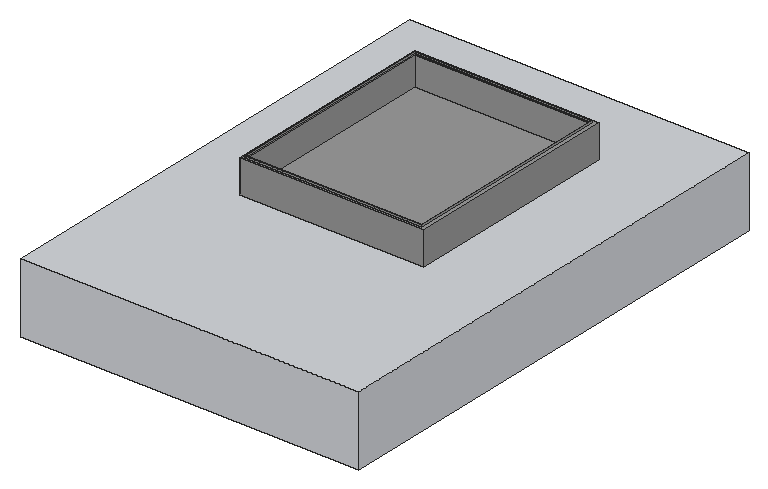
Revit family "Hager-Univers-IP30-D161-Cl.II-FWB-encl--CH-it", category Equipement électrique, Revit 2020
Family settings
  Hôte = Face
  Configuration du panneau = Deux colonnes, circuits au sein
  Cote de connecteur circulaire = Utiliser le diamètre
  Type d'élément = Tableau de raccordement
  Couper avec des vides une fois chargée = Non
  Partagée = Non
  Point de calcul de pièce = Non
Parameters (values of type "A parete IP30 L800 A950 P161  - FWB63D1")
  Width Control [instance] = if([EF000008 - Larghezza] > Min Width, [EF000008 - Larghezza], Min Width)  # 800 mm
  Commentaires du type = [HG000003 - Gamma]  # "Univers"
  Thickness Door [instance] = if([EF009171 - spessore materiale porta/coperchio] > 3 mm, 3 mm, [EF009171 - spessore materiale porta/coperchio])  # 1 mm
  Seal Frame Offset [instance] = 17 mm  # constant formula
  Plinth Visibility [instance] = [HG000027 - Altezza dello zoccolo] > 0 mm  # no
  Model = ""
  Min Width [instance] = 100 mm  # constant formula
  Min Height [instance] = 100 mm  # constant formula
  Min Depth [instance] = (2 * [EF009170 - spessore materiale scatola]) + 1 mm  # 5 mm
  Internal Frame Depth [instance] = (Door System Depth * 0.5)  # 9 mm
  Height Control [instance] = if([EF000040 - Altezza] > Min Height, [EF000040 - Altezza], Min Height)  # 950 mm
  HG000027 - Altezza dello zoccolo = 0 mm
  HG000026 - A pavimento = no
  HG000024 - Altezza della sezione inferiore = 800 mm
  HG000023 - Custodia a doppia sezione = no
  HG000016 - Visibilità delle porte nella vista 3D [instance] = yes
  HG000015 - Visibilità attraverso la porta [instance] = no
  HG000014 - Porta destra [instance] = yes
  HG000013 - Porta sinistra [instance] = not([HG000014 - Porta destra])  # no
  HG000012 - Angolo di apertura della porta [instance] = 30.00°
  HG000010 - Porte asimmetriche = no
  HG000009 - Porta doppia a battente = no
  HG000006 - Ad incasso = no
  HG000004 - Codice produttore = "FWB63D1"
  HG000003 - Gamma = "Univers"
  HG000002 - Con porta = no
  Frame Offset Bottom [instance] = 10 mm  # constant formula
  Frame Offset [instance] = 15 mm  # constant formula
  EF015940 - Coprire con rilascio di sovrapressione = no
  EF011959 - tipo di protezione (NEMA) = ""
  EF009554 - numero delle aperture per la piastra della flangia = 6
  Fabricant = "Hager"  # constant formula
  EF009212 - esecuzione coperchio = "EV009916 - con taglio"
  EF009171 - spessore materiale porta/coperchio = 1 mm
  EF009170 - spessore materiale scatola = 2 mm
  EF008873 - corrente nominale (In) = 125 A
  EF007800 - adatto per parafulmine = no
  EF006306 - con serratura = no
  EF006244 - coperchio/porta trasparente = no
  EF005474 - grado di protezione (IP) = "EV006410 - IP30"
  EF004464 - tipo di porta = "EV000494 - senza"
  EF004427 - numero di moduli = 216
  EF004293 - resistenza agli urti = "EV006815 - IK09"
  EF003532 - adatto per uso esterno = no
  EF002950 - Numero moduli DIN = 12
  EF001613 - Integrità del circuito = "EV000494 - senza"
  EF001596 - Attacco Lampada = "EV000179 - acciaio"
  EF001131 - profondità interna = 160 mm
  EF001088 - possibilità di applicazione = yes
  EF000437 - numero di ingressi per conduttori = 12
  EF000339 - tipo di copertura = "EV004216 - porta"
  EF000266 - numero di file = 0
  EF000218 - profondità di incasso = 0 mm
  EF000118 - con piastra di montaggio = no
  EF000116 - numero RAL = "9010"
  EF000049 - profondità = 161 mm
  EF000040 - Altezza = 950 mm
  EF000008 - Larghezza = 800 mm
  EF000007 - colore = "EV000202 - bianco"
  EF000003 - Tipo di montaggio = "EV000384 - A parete"
  Door System Leaf Tolerance [instance] = 1.5 mm  # constant formula
  Door System Depth [instance] = 18 mm  # constant formula
  Door Height [instance] = Height Control - [HG000027 - Altezza dello zoccolo]  # 950 mm
  Depth Control [instance] = if([EF000049 - profondità] > Min Depth, [EF000049 - profondità], Min Depth)  # 161 mm
  Default Elevation = 0 mm
  Connector Offset [instance] = Height Control / 2  # 475 mm
  Bottom Top Plate Trim [instance] = 1.5 mm  # constant formula
  Plinth height Ctrl [instance] = if([HG000027 - Altezza dello zoccolo] > 0 mm, [HG000027 - Altezza dello zoccolo], 12 mm)  # 12 mm
Types (19, lengths in mm): name | Width Control | Thickness Door | Min Depth | Height Control | HG000004 - Codice produttore | EF009554 - numero delle aperture per la piastra della flangia | EF009212 - esecuzione coperchio | EF009171 - spessore materiale porta/coperchio | EF009170 - spessore materiale scatola | EF004427 - numero di moduli | EF001131 - profondità interna | EF000437 - numero di ingressi per conduttori | EF000339 - tipo di copertura | EF000040 - Altezza | EF000008 - Larghezza | Door Height | Connector Offset
  A parete IP30 L1050 A1100 P161  - FWB74D1 | 1050 | 1 | 3 | 1100 | "FWB74D1" | 8 | "EV009916 - con taglio" | 1 | 1 | 336 | 156 | 16 | "EV000494 - senza" | 1100 | 1050 | 1100 | 550
  A parete IP30 L1050 A500 P161  - FWB34D1 | 1050 | 2 | 3 | 500 | "FWB34D1" | 8 | "EV009916 - con taglio" | 2 | 1 | 144 | 156 | 16 | "EV000494 - senza" | 500 | 1050 | 500 | 250
  A parete IP30 L1050 A650 P161  - FWB44D1 | 1050 | 1 | 3 | 650 | "FWB44D1" | 8 | "EV000116 - chiuso" | 1 | 1 | 192 | 160 | 16 | "EV004216 - porta" | 650 | 1050 | 650 | 325
  A parete IP30 L1050 A800 P161  - FWB54D1 | 1050 | 1 | 5 | 800 | "FWB54D1" | 8 | "EV009916 - con taglio" | 1 | 2 | 240 | 160 | 16 | "EV004216 - porta" | 800 | 1050 | 800 | 400
  A parete IP30 L1050 A950 P161  - FWB64D1 | 1050 | 1 | 5 | 950 | "FWB64D1" | 8 | "EV009916 - con taglio" | 1 | 2 | 288 | 160 | 16 | "EV004216 - porta" | 950 | 1050 | 950 | 475
  A parete IP30 L300 A1100 P161  - FWB71D1 | 300 | 1 | 3 | 1100 | "FWB71D1" | 2 | "EV009916 - con taglio" | 1 | 1 | 84 | 156 | 4 | "EV000494 - senza" | 1100 | 300 | 1100 | 550
  A parete IP30 L300 A1250 P161  - FWB81D1 | 300 | 1 | 3 | 1250 | "FWB81D1" | 2 | "EV009916 - con taglio" | 1 | 1 | 96 | 160 | 4 | "EV000494 - senza" | 1250 | 300 | 1250 | 625
  A parete IP30 L300 A650 P161  - FWB41D1 | 300 | 1 | 3 | 650 | "FWB41D1" | 2 | "EV000116 - chiuso" | 1 | 1 | 48 | 160 | 4 | "EV004216 - porta" | 650 | 300 | 650 | 325
  A parete IP30 L300 A800 P161  - FWB51D1 | 300 | 1 | 3 | 800 | "FWB51D1" | 2 | "EV009916 - con taglio" | 1 | 1 | 60 | 156 | 4 | "EV000494 - senza" | 800 | 300 | 800 | 400
  A parete IP30 L300 A950 P161  - FWB61D1 | 300 | 1 | 3 | 950 | "FWB61D1" | 2 | "EV009916 - con taglio" | 1 | 1 | 72 | 156 | 4 | "EV000494 - senza" | 950 | 300 | 950 | 475
  A parete IP30 L550 A1100 P161  - FWB72D1 | 550 | 1 | 3 | 1100 | "FWB72D1" | 4 | "EV009916 - con taglio" | 1 | 1 | 168 | 156 | 8 | "EV000494 - senza" | 1100 | 550 | 1100 | 550
  A parete IP30 L550 A500 P161  - FWB32D1 | 550 | 2 | 5 | 500 | "FWB32D1" | 4 | "EV009916 - con taglio" | 2 | 2 | 72 | 156 | 8 | "EV000494 - senza" | 500 | 550 | 500 | 250
  A parete IP30 L550 A650 P161  - FWB42D1 | 550 | 1 | 3 | 650 | "FWB42D1" | 4 | "EV000116 - chiuso" | 1 | 1 | 96 | 160 | 8 | "EV004216 - porta" | 650 | 550 | 650 | 325
  A parete IP30 L550 A800 P161  - FWB52D1 | 550 | 1 | 3 | 800 | "FWB52D1" | 4 | "EV009916 - con taglio" | 1 | 1 | 120 | 156 | 8 | "EV000494 - senza" | 800 | 550 | 800 | 400
  A parete IP30 L550 A950 P161  - FWB62D1 | 550 | 1 | 3 | 950 | "FWB62D1" | 4 | "EV009916 - con taglio" | 1 | 1 | 144 | 156 | 8 | "EV000494 - senza" | 950 | 550 | 950 | 475
  A parete IP30 L800 A500 P161  - FWB33D1 | 800 | 1 | 3 | 500 | "FWB33D1" | 6 | "EV000116 - chiuso" | 1 | 1 | 108 | 160 | 12 | "EV004216 - porta" | 500 | 800 | 500 | 250
  A parete IP30 L800 A650 P161  - FWB43D1 | 800 | 1 | 5 | 650 | "FWB43D1" | 6 | "EV000116 - chiuso" | 1 | 2 | 144 | 160 | 12 | "EV004216 - porta" | 650 | 800 | 650 | 325
  A parete IP30 L800 A800 P161  - FWB53D1 | 800 | 1 | 3 | 800 | "FWB53D1" | 6 | "EV000116 - chiuso" | 1 | 1 | 180 | 160 | 12 | "EV004216 - porta" | 800 | 800 | 800 | 400
  A parete IP30 L800 A950 P161  - FWB63D1 | 800 | 1 | 5 | 950 | "FWB63D1" | 6 | "EV009916 - con taglio" | 1 | 2 | 216 | 160 | 12 | "EV004216 - porta" | 950 | 800 | 950 | 475
Reference planes
  plane 1 "Center (Front/Back)": y = 0
  plane 2: z = 0
  plane 3 "Center (Left/Right)": x = 0
  plane 4: z = 161
  plane 5: y = 2
  plane 6: y = 475
  plane 7: y = 0
  plane 8: y = 950
  plane 9: z = 0
  plane 10: x = -385
  plane 11: x = 385
  plane 12: x = 383
  plane 13: x = -383
  plane 14: y = 948
  plane 15: x = -383
  plane 16: x = -400
  plane 17: x = 383
  plane 18: x = 400
  plane 19: x = 398
  plane 20: x = -398
  plane 21: y = 12
  plane 22: y = 950
  plane 23: y = 933
  plane 24: z = 143
  plane 25: z = 2
  plane 26: z = 141
  plane 27: z = 159
Forms (mm)
  Extrusion 1, solid
    sketch origin (0, 0, 0) x (1, 0, 0) y (0, 1, 0)
      loop
        line (-702.964, 1305) -> (-702.964, -811.445) -> (766.763, -811.445) -> (766.763, 1305) -> (-702.964, 1305)
    from 0 to -304.8
  Extrusion 2, solid, material "Hager_Steel_RAL7035_Light_Grey", visible <- "Plinth Visibility", detail levels medium+fine
    sketch origin (0, 0, 0) x (1, 0, 0) y (0, 1, 0)
      loop
        line (-400, 0) -> (400, 0) -> (400, 12) -> (-400, 12) -> (-400, 0)
    from 0 to 143
  Extrusion 3, solid, material "Hager_Steel_RAL7035_Light_Grey", detail levels medium+fine
    sketch origin (0, 0, 0) x (1, 0, 0) y (0, 1, 0)
      loop
        line (-400, 0) -> (400, 0) -> (400, 950) -> (-400, 950) -> (-400, 0)
    from 0 to 143
  Extrusion 4, void
    sketch origin (0, 0, 0) x (1, 0, 0) y (0, 1, 0)
      loop
        line (-398, 2) -> (398, 2) -> (398, 948) -> (-398, 948) -> (-398, 2)
    from 2 to 141
  Extrusion 5, void
    sketch origin (-381.607, -4572, 143) x (0, -1, 0) y (-1, 0, 0)
      loop
        line (-4584, 1.393) -> (-5505, 1.393) -> (-5505, -764.607) -> (-4584, -764.607) -> (-4584, 1.393)
    from 0 to 2 <- "EF009170 - spessore materiale scatola"
  Extrusion 6, solid, material "Hager_Steel_RAL7035_Light_Grey", detail levels fine
    sketch origin (0, 0, 143) x (1, 0, 0) y (0, 1, 0)
      loop
        line (-383, 933) -> (-383, 12) -> (383, 12) -> (383, 933) -> (-383, 933)
      loop
        line (-384, 11) -> (384, 11) -> (384, 934) -> (-384, 934) -> (-384, 11)
    from 0 to 9 <- "Internal Frame Depth"
  Extrusion 7, solid, material "Hager_Steel_RAL7035_Light_Grey", detail levels coarse
    sketch origin (0, 0, 0) x (1, 0, 0) y (0, 1, 0)
      loop
        line (-400, 0) -> (400, 0) -> (400, 950) -> (-400, 950) -> (-400, 0)
    from 0 to 161
  Sweep 8, void
    path in 3D
      loop
        line (-400, 12, 0) -> (400, 12, 0) -> (400, 12, 143) -> (-400, 12, 143) -> (-400, 12, 0)
    profile origin (-400, 12, 71.5) x (-1, 0, 0) y (0, -1, 0)
      loop
        line (0, 0) -> (0, 1.5) -> (-1.5, 1.5)
        arc (-1.5, 1.5) -> (-1.061, 0.439) -> (0, 0) r 1.5
Cuts and joins
  Extrusion 4, Extrusion 5 cuts Extrusion 3
  Sweep 8 cuts Extrusion 2
Lines and regions (mm)
  Masking region 1
    outline origin (0, 0, 0) x (1, 0, 0) y (0, 0, 1)
      loop
        line (-400, 161) -> (-400, 0) -> (400, 0) -> (400, 161) -> (-400, 161)
  Masking region 2, detail levels medium+fine
    outline origin (0, 140, 0) x (0, 1, 0) y (0, 0, 1)
      loop
        line (-140, 0) -> (810, 0) -> (810, 143) -> (-140, 143) -> (-140, 0)
  Masking region 3, not visible, detail levels medium+fine
    outline origin (0, 297.922, 0) x (0, 1, 0) y (0, 0, 1)
      loop
        line (188.578, 0) -> (228.578, 0) -> (228.578, 149)
        arc (228.578, 149) -> (225.649, 156.071) -> (218.578, 159) r 10
        line (218.578, 159) -> (188.578, 159) -> (188.578, 0)
  Masking region 4, detail levels coarse
    outline origin (0, 0, 180) x (0, 1, 0) y (0, 0, 1)
      loop
        line (0, -180) -> (950, -180) -> (950, -19) -> (0, -19) -> (0, -180)
  Masking region 5, visible <- "Plinth Visibility", detail levels medium+fine
    outline origin (0, 52.24, 12.345) x (0, 0, -1) y (0, 1, 0)
      loop
        line (10.845, -40.24) -> (-129.155, -40.24)
        arc (-129.155, -40.24) -> (-129.594, -41.301) -> (-130.655, -41.74) r 1.5
        line (-130.655, -41.74) -> (-130.655, -52.24) -> (12.345, -52.24) -> (12.345, -41.74)
        arc (12.345, -41.74) -> (11.285, -41.301) -> (10.845, -40.24) r 1.5
  Masking region 6, detail levels medium+fine
    outline origin (-381.607, -4572, 143) x (-1, 0, 0) y (0, -1, 0)
      loop
        line (18.393, -5522) -> (18.393, -4572) -> (-781.607, -4572) -> (-781.607, -5522) -> (18.393, -5522)
  Masking region 7, visible <- "Plinth Visibility", detail levels medium+fine
    outline origin (-381.607, -4727, 143) x (-1, 0, 0) y (0, -1, 0)
      loop
        arc (16.893, -4739) -> (17.332, -4737.939) -> (18.393, -4737.5) r 1.5
        line (18.393, -4737.5) -> (18.393, -4727) -> (-781.607, -4727) -> (-781.607, -4737.5)
        arc (-781.607, -4737.5) -> (-780.546, -4737.939) -> (-780.107, -4739) r 1.5
        line (-780.107, -4739) -> (16.893, -4739)
  Masking region 8, detail levels coarse
    outline origin (-442.548, -4669.526, 143) x (-1, 0, 0) y (0, -1, 0)
      loop
        line (-42.548, -5619.526) -> (-42.548, -4669.526) -> (-842.548, -4669.526) -> (-842.548, -5619.526) -> (-42.548, -5619.526)
  sketch lines
    curve 1: line (-400, 12, 143) -> (-400, 12, 0)
    curve 2: line (400, 12, 143) -> (-400, 12, 143)
    curve 3: line (400, 12, 143) -> (400, 12, 0)
    curve 4: line (-400, 12, 0) -> (400, 12, 0)
Dimensions and locks
  "Depth Control": plane 4 to Extrusion 1
  "HG000027 - Altezza dello zoccolo": plane 1 "Center (Front/Back)" to plane 7
  "EF009170 - spessore materiale scatola": plane 5 to plane 7
  locked: connector elem to plane 3 "Center (Left/Right)"
  equal spacing: plane 8, plane 6, plane 7
  locked: connector elem to plane 6
  "EF009170 - spessore materiale scatola": plane 8 to plane 14
  "EF009170 - spessore materiale scatola": plane 10 to plane 13
  "EF009170 - spessore materiale scatola": plane 12 to plane 11
  "Frame Offset": plane 20 to plane 13
  "Frame Offset": plane 12 to plane 19
  "EF009170 - spessore materiale scatola": plane 16 to plane 20
  "EF009170 - spessore materiale scatola": plane 19 to plane 18
  "Seal Frame Offset": plane 16 to plane 15
  "Seal Frame Offset": plane 17 to plane 18
  "Frame Offset Bottom": plane 21 to plane 5
  "Frame Offset": plane 14 to plane 23
  equal spacing: plane 16, plane 3 "Center (Left/Right)", plane 18
  "Width Control": plane 16 to plane 18
  "EF009170 - spessore materiale scatola": plane 4 to plane 27
  "EF009170 - spessore materiale scatola": plane 24 to plane 26
  "EF009170 - spessore materiale scatola": plane 25 to level
  "Door System Depth": plane 4 to plane 24
  "Height Control": plane 1 "Center (Front/Back)" to Extrusion 7 sketch curve
  "Height Control": Masking region 4 sketch curve to plane 1 "Center (Front/Back)"
  "Height Control": plane 1 "Center (Front/Back)" to plane 22
  "Bottom Top Plate Trim": profile plane to Sweep 8 sketch curve
  "Bottom Top Plate Trim": Sweep 8 sketch curve to profile plane
  "Plinth height Ctrl": plane 1 "Center (Front/Back)" to Extrusion 2 sketch curve
  "Plinth height Ctrl": Masking region 5 sketch curve to plane 1 "Center (Front/Back)"
  "Plinth height Ctrl": plane 1 "Center (Front/Back)" to Masking region 7 sketch curve
  "Thickness Door": Extrusion 6 sketch curve to Extrusion 6 sketch curve  (x3)
  "Thickness Door": cut or joined group of Extrusion 3, Extrusion 4, Extrusion 5 to Extrusion 6 sketch curve
  radius of Masking region 3 sketch curve = 10 mm
  "Bottom Top Plate Trim": radius of Masking region 5 sketch curve  (x2)
  "Bottom Top Plate Trim": radius of Sweep 8 sketch curve
  "Bottom Top Plate Trim": radius of Masking region 7 sketch curve  (x2)
  aligned and locked: plane 2 to Extrusion 1
  aligned and locked: level to Extrusion 1
  aligned and locked: level to Masking region 1 sketch curve
  aligned and locked: Masking region 1 sketch curve to plane 18
  aligned and locked: Masking region 1 sketch curve to plane 16
  aligned and locked: plane 7 to Masking region 2 sketch curve
  aligned and locked: level to Masking region 3 sketch curve
  aligned and locked: Masking region 3 sketch curve to plane 27
  aligned and locked: level to Masking region 2 sketch curve
  aligned and locked: plane 1 "Center (Front/Back)" to Extrusion 2 sketch curve
  aligned and locked: Extrusion 3 sketch curve to plane 7
  aligned and locked: plane 16 to Extrusion 3 sketch curve
  aligned and locked: plane 18 to Extrusion 3 sketch curve
  aligned and locked: plane 20 to Extrusion 4 sketch curve
  aligned and locked: plane 19 to Extrusion 4 sketch curve
  aligned and locked: Extrusion 4 sketch curve to plane 5
  aligned and locked: Extrusion 4 to plane 25
  aligned and locked: plane 26 to Extrusion 4
  aligned and locked: plane 24 to Extrusion 3
  aligned and locked: Extrusion 5 sketch curve to plane 21
  aligned and locked: Extrusion 5 sketch curve to plane 13
  aligned and locked: Extrusion 5 sketch curve to plane 12
  aligned and locked: plane 18 to Extrusion 7 sketch curve
  aligned and locked: plane 1 "Center (Front/Back)" to Extrusion 7 sketch curve
  aligned and locked: plane 16 to Extrusion 7 sketch curve
  aligned and locked: plane 4 to Extrusion 7
  aligned and locked: Extrusion 7 to level
  aligned and locked: level to Masking region 4 sketch curve
  aligned and locked: Masking region 4 sketch curve to plane 1 "Center (Front/Back)"
  aligned and locked: Masking region 4 sketch curve to plane 4
  aligned and locked: nested 1 to level
  aligned and locked: nested 1 to plane 16
  aligned and locked: plane 8 to Extrusion 3 sketch curve
  aligned and locked: plane 23 to Extrusion 5 sketch curve
  aligned and locked: plane 14 to Extrusion 4 sketch curve
  aligned and locked: Masking region 2 sketch curve to plane 8
  aligned and locked: level to Masking region 5 sketch curve
  aligned and locked: plane 16 to Extrusion 2 sketch curve
  aligned and locked: plane 18 to Extrusion 2 sketch curve
  aligned and locked: Masking region 5 sketch curve to plane 24
  aligned and locked: Masking region 2 sketch curve to plane 24
  aligned and locked: plane 24 to Extrusion 2
  aligned and locked: profile plane to Sweep 8 sketch curve  (x2)
  aligned and locked: Masking region 6 sketch curve to plane 18
  aligned and locked: Masking region 6 sketch curve to plane 22
  aligned and locked: Masking region 6 sketch curve to plane 16
  aligned and locked: plane 8 to plane 22
  aligned and locked: Masking region 6 sketch curve to plane 7
  aligned and locked: Masking region 7 sketch curve to plane 16
  aligned and locked: Masking region 7 sketch curve to plane 1 "Center (Front/Back)"
  aligned and locked: Masking region 7 sketch curve to plane 18
  aligned and locked: Masking region 8 sketch curve to plane 1 "Center (Front/Back)"
  aligned and locked: Masking region 8 sketch curve to plane 18
  aligned and locked: Masking region 8 sketch curve to plane 22
  aligned and locked: Masking region 8 sketch curve to plane 16
  aligned and locked: nested 2 to plane 7
  aligned and locked: plane 3 "Center (Left/Right)" to nested 2
  aligned and locked: nested 2 to plane 24
  aligned and locked: Extrusion 6 sketch curve to cut or joined group of Extrusion 3, Extrusion 4, Extrusion 5  (x4)
Automatic sketch dimensions
  Extrusion 1 sketch curve to Extrusion 1 sketch curve = 1469.727 mm
  Extrusion 1 sketch curve to Extrusion 1 sketch curve = 2116.445 mm
  Masking region 1 sketch curve to plane 4 = 0 mm
  plane 6 to Masking region 3 sketch curve = 11.5 mm
  Masking region 3 sketch curve to Masking region 3 sketch curve = 30 mm
  Masking region 5 sketch curve to plane 1 "Center (Front/Back)" = 0 mm
Nested families
  nested 1: "Hager_Enclosure_Symbol" at (-400, 0, 0) x (1, 0, 0) z (0, -1, 0), Height <- "Depth Control", Width <- "Width Control", type "Hager_Enclosure_Symbol"
    with Width_Ctrl 800 mm, Width 800 mm, Height_Ctrl 161 mm, Height 161 mm, A_Width_Int 10.566 mm, A_Width 126.788 mm, A_Height_Ctrl 140.875 mm, A_Height 140.875 mm
  nested 2: "EC000058_Univers_Door" at (0, 0, 143) x (1, 0, 0) z (0, 1, 0), Leaf_Tolerance <- "Door System Leaf Tolerance", Angle <- "HG000012 - Angolo di apertura della porta", Door_Depth <- "Door System Depth", Door_Left <- "HG000013 - Porta sinistra", Transparent <- "EF006244 - coperchio/porta trasparente", Assymetrical <- "HG000010 - Porte asimmetriche", Width <- "Width Control", Clearance <- "HG000015 - Visibilità attraverso la porta", Double <- "HG000009 - Porta doppia a battente", 3d_Door <- "HG000016 - Visibilità delle porte nella vista 3D", Lock_Visibility <- "EF006306 - con serratura", Width_Ctrl <- "Width Control", Door_Right <- "HG000014 - Porta destra", Door <- "HG000002 - Con porta", Height <- "Door Height", Thickness <- "Thickness Door", type "EC000058_Univers_Door", detail levels medium+fine
    with min_wh 3 mm, Width_Ctrl 800 mm, Width 800 mm, Transparent no, Thickness 1 mm, Seal_Material Hager_Rubber, Lock_Visibility no, Lock_Material Hager_Plastic_RAL9005_Jet_Black, Leaf_Width 800 mm, Leaf_Tolerance_External_Sides 0 mm, Leaf_Tolerance 1.5 mm, Leaf_Offset 0 mm, Leaf_Height 947 mm, Leaf_2_Width 800 mm, Leaf_2_Offset 400 mm, Leaf_1_Width 800 mm, Leaf_1_Offset 400 mm, Height_Ctrl 950 mm, Height 950 mm, Glass_Material Hager_Glass, Double_Clearance_Ctrl no, Double no, Door_Right_Ctrl no, Door_Right yes, Door_Material Hager_Steel_RAL7035_Light_Grey, Door_Left_Ctrl no, Door_Left no, Door_Depth 18 mm, Door no, Clearance_Material Hager_Clearance, Clearance_Depth 800 mm, Clearance_Ctrl no, Clearance no, Assymetrical no, Angle 30.00°, 3d_Door yes
Connectors
  electrical at (0, 475, 0)
    settings: on plane 9, index 1, voltage 0 V, apparent load 0 VA, apparent load phase1 0 VA, apparent load phase2 0 VA, apparent load phase3 0 VA, power factor 1, load classification "Other", number of poles 1, system type 30, power factor state 1, is connector primary yes, connector utility no, sub classification motor no, connector description ""
Definition of nested family "Hager_Enclosure_Symbol"
  Parameters (values of type "Hager_Enclosure_Symbol")
    Width_Ctrl [instance] = if(Width > 1 mm, Width, 1 mm)  # 102.27 mm
    Width [instance] = 102.27 mm
    Height_Ctrl [instance] = if(Height > 1 mm, Height, 1 mm)  # 66.5 mm
    A_Width_Int [instance] = if(A_Width / 12 > 2 mm, A_Width / 12, 2 mm)  # 4.364 mm
    A_Width [instance] = if(A_Height_Ctrl * 0.9 > 2 mm, A_Height_Ctrl * 0.9, 2 mm)  # 52.369 mm
    A_Height_Ctrl [instance] = if(A_Height > 2 mm, A_Height, 2 mm)  # 58.188 mm
    Height [instance] = 66.5 mm
    A_Height [instance] = Height - (Height / 8)  # 58.188 mm
  Reference planes
    plane 1 "Centre (avant/arrière)": y = 0
    plane 2: z = 0
    plane 3 "Centre (gauche/droite)": x = 0
    plane 4: x = 52.369
    plane 5: y = 33.042
    plane 6: y = 41.77
    plane 7: y = 66.5
    plane 8: x = 26.184
    plane 9: y = 37.406
    plane 10: x = 102.27
    plane 11: y = 66.5
    plane 12: y = 8.313
  Lines and regions (mm)
    Filled region 1, type "Solid_Black", in view "Niveau de réf."
      outline origin (0, 0, 0) x (1, 0, 0) y (0, 1, 0)
        loop
          line (52.369, 66.5) -> (33.188, 54.536) -> (45.365, 45.006) -> (52.369, 66.5)
    Filled region 2, type "Solid_Black", in view "Niveau de réf."
      outline origin (0, 0, 0) x (1, 0, 0) y (0, 1, 0)
        loop
          line (0, 0) -> (102.27, 0) -> (102.27, 66.5) -> (0, 0)
    detail lines, in view "Niveau de réf."
      curve 1: line (0, 8.313, 0) -> (26.184, 41.77, 0)
      curve 2: line (26.184, 41.77, 0) -> (26.184, 33.042, 0)
      curve 3: line (26.184, 33.042, 0) -> (52.369, 66.5, 0)
  Dimensions and locks
    "A_Width": plane 3 "Centre (gauche/droite)" to plane 4
    equal spacing: plane 3 "Centre (gauche/droite)", plane 8, plane 4
    equal spacing: plane 6, plane 9, plane 5
    equal spacing: curve 3, Filled region 1 sketch curve, Filled region 1 sketch curve
    "Height_Ctrl": plane 1 "Centre (avant/arrière)" to plane 11
    "A_Height_Ctrl": plane 11 to plane 12
    equal spacing: plane 11, plane 9, plane 12
    "A_Width_Int": plane 6 to plane 9
    "Width_Ctrl": plane 3 "Centre (gauche/droite)" to plane 10
    angle Filled region 1 sketch curve to curve 3 = 20.00°
    angle curve 3 to Filled region 1 sketch curve = 20.00°
    locked: curve 3 to Filled region 1 sketch curve (angle 90.00°)
    aligned and locked: plane 10 to Filled region 2
    aligned and locked: plane 11 to Filled region 2 sketch curve
    aligned and locked: plane 10 to Filled region 2 sketch curve
    aligned and locked: plane 3 "Centre (gauche/droite)" to curve 1
    aligned and locked: plane 12 to curve 1
    aligned and locked: plane 7 to plane 11
  Automatic sketch dimensions
    Filled region 1 sketch curve to plane 4 = 0 mm
    Filled region 1 sketch curve to plane 7 = 0 mm
    plane 1 "Centre (avant/arrière)" to Filled region 2 sketch curve = 0 mm
    Filled region 2 sketch curve to plane 3 "Centre (gauche/droite)" = 0 mm
    curve 2 to plane 6 = 0 mm
    curve 2 to plane 8 = 0 mm
    curve 3 to plane 4 = 0 mm
    curve 2 to plane 5 = 0 mm
    curve 3 to plane 7 = 0 mm
Definition of nested family "EC000058_Univers_Door"
  Parameters (values of type "EC000058_Univers_Door")
    min_wh [instance] = (2 * Thickness) + 1 mm  # 11 mm
    Width_Ctrl [instance] = 400 mm
    Width [instance] = 500 mm
    Transparent [instance] = yes
    Thickness [instance] = 5 mm
    Seal_Material [instance] = none
    Lock_Visibility [instance] = yes
    Lock_Material [instance] = none
    Leaf_Width [instance] = if((Width_Ctrl - 2 * Leaf_Tolerance_External_Sides) > 0 mm, (Width_Ctrl - 2 * Leaf_Tolerance_External_Sides), min_wh)  # 400 mm
    Leaf_Tolerance_External_Sides [instance] = 0 mm  # constant formula
    Leaf_Tolerance [instance] = 1.5 mm
    Leaf_Offset [instance] = 0 mm  # constant formula
    Leaf_Height [instance] = if((Height_Ctrl - 2 * Leaf_Tolerance) > 0 mm, (Height_Ctrl - 2 * Leaf_Tolerance), min_wh)  # 497 mm
    Leaf_2_Width [instance] = if(and(and(Double, Assymetrical), Door_Left), (Leaf_Width / 3) - (Leaf_Tolerance / 2), if(and(and(Double, Assymetrical), Door_Right), (Leaf_Width / 3) * 2 - (Leaf_Tolerance / 2), if(and(Double, not(Assymetrical)), (Leaf_Width / 2) - Leaf_Tolerance, Leaf_Width)))  # 400 mm
    Leaf_2_Offset [instance] = if(and(Double, Assymetrical), Leaf_2_Width / 2, if(and(Double, not(Assymetrical)), Leaf_Width / 4, Leaf_Width / 2))  # 200 mm
    Leaf_1_Width [instance] = if(and(and(Double, Assymetrical), Door_Right), (Leaf_Width / 3) - (Leaf_Tolerance / 2), if(and(and(Double, Assymetrical), Door_Left), (Width / 3) * 2 - (Leaf_Tolerance / 2), if(and(Double, not(Assymetrical)), (Leaf_Width / 2) - Leaf_Tolerance, Leaf_Width)))  # 400 mm
    Leaf_1_Offset [instance] = if(and(Double, Assymetrical), Leaf_1_Width / 2, if(and(Double, not(Assymetrical)), Leaf_Width / 4, Leaf_Width / 2))  # 200 mm
    Height_Ctrl [instance] = if(Height > min_wh, Height, min_wh)  # 500 mm
    Height [instance] = 500 mm
    Glass_Material [instance] = none
    Double_Clearance_Ctrl [instance] = and(Double, Clearance)  # no
    Double [instance] = no
    Door_Right_Ctrl [instance] = and(or(Door_Right, Double), Door)  # yes
    Door_Right [instance] = yes
    Door_Material [instance] = none
    Door_Left_Ctrl [instance] = and(or(Door_Left, Double), Door)  # no
    Door_Left [instance] = no
    Door_Depth [instance] = 30 mm
    Door [instance] = yes
    Default Elevation = 1219.2 mm
    Clearance_Material [instance] = none
    Clearance_Depth [instance] = if(Leaf_1_Width > Leaf_2_Width, Leaf_1_Width, Leaf_2_Width)  # 400 mm
    Clearance_Ctrl [instance] = and(not(Double), Clearance)  # yes
    Clearance [instance] = yes
    Assymetrical [instance] = yes
    Angle [instance] = 30.00°
    3d_Door [instance] = yes
  Reference planes
    plane 1 "Center (Front/Back)": y = 0
    plane 2 "Bottom": z = 0
    plane 3 "Center (Left/Right)": x = 0
    plane 4: z = 500
    plane 5: x = -200
    plane 6: x = 200
    plane 7: z = 500
    plane 8: x = -200
    plane 9: z = 0
    plane 10: x = 200
    plane 11: y = 0
    plane 12: z = 1.5
    plane 13: x = -600
    plane 14: y = -400
    plane 15: x = 600
    plane 16: x = 0
    plane 17: x = 0
    plane 18: x = -200
    plane 19: x = 200
    plane 20: z = 498.5
  Forms (mm)
    Extrusion 1, solid, material <- "Clearance_Material", visible <- "Double_Clearance_Ctrl"
      sketch origin (1200, 0, 0) x (1, 0, 0) y (0, 0, -1)
        loop
          line (-1800, -498.5) -> (-600, -498.5) -> (-600, 0) -> (-1800, 0) -> (-1800, -498.5)
      from 0 to -400
  Dimensions and locks
    equal spacing: plane 5, plane 3 "Center (Left/Right)", plane 6
    "Width_Ctrl": plane 5 to plane 6
    "Leaf_Offset": plane 5 to plane 8
    "Leaf_Offset": plane 6 to plane 10
    "Leaf_Offset": plane 9 to level
    "Leaf_Offset": plane 4 to plane 7
    "Height_Ctrl": plane 4 to level
    "Leaf_Tolerance": plane 12 to plane 9
    locked: plane 11 to plane 1 "Center (Front/Back)"
    "Leaf_1_Offset": plane 18 to plane 16
    "Leaf_2_Offset": plane 17 to plane 19
    "Leaf_1_Width": plane 13 to plane 8
    "Leaf_2_Width": plane 10 to plane 15
    "Clearance_Depth": plane 14 to plane 1 "Center (Front/Back)"
    "Leaf_Tolerance_External_Sides": plane 8 to plane 18
    "Leaf_Tolerance_External_Sides": plane 19 to plane 10
    "Leaf_Tolerance": plane 7 to plane 20
    aligned and locked: level to plane 2 "Bottom"
    aligned and locked: nested 1 to plane 16
    aligned and locked: nested 2 to plane 17
    aligned and locked: Extrusion 1 to plane 13
    aligned and locked: plane 15 to Extrusion 1
    aligned and locked: Extrusion 1 to plane 14
    aligned and locked: plane 12 to nested 1
    aligned and locked: nested 2 to plane 12
    aligned and locked: Extrusion 1 to plane 11
    aligned and locked: plane 20 to Extrusion 1
    aligned and locked: nested 2 to plane 11
    aligned and locked: nested 1 to plane 11
  Automatic sketch dimensions
    Extrusion 1 sketch curve to level = 0 mm
    plane 5 to Extrusion 1 sketch curve = 400 mm
    plane 6 to Extrusion 1 sketch curve = 400 mm
    Extrusion 1 sketch curve to plane 4 = 1.5 mm
  Nested families
    nested 1: "EC000058_Univers_Door_Leaf" at (0, 0, 1.5), Width <- "Leaf_1_Width", visible <- "Door_Left_Ctrl", Leaf_Height <- "Leaf_Height", Angle <- "Angle", 3d_Door <- "3d_Door", Transparent <- "Transparent", Clearance Material <- "Clearance_Material", Clearance <- "Clearance_Ctrl", Door_Material <- "Door_Material", Glass_Material <- "Glass_Material", Door_Depth <- "Door_Depth", Lock_Material <- "Lock_Material", Seal_Material <- "Seal_Material", Lock_Visibility <- "Lock_Visibility", Thickness <- "Thickness", type "EC000058_Univers_Door_Leaf"
      with Width 400 mm, Transparent_Glass_Offset 30 mm, Transparent_Ctrl yes, Transparent yes, Thickness 5 mm, Standard no, Seal_Material none, Seal_D2 8 mm, Seal_D1 1 mm, Offset_Internal_Frame 10 mm, Lock_Width 20 mm, Lock_Visibility_3d yes, Lock_Visibility yes, Lock_Thickness_3 3 mm, Lock_Thickness_2 1 mm, Lock_Thickness_1 3 mm, Lock_Radius_Offset_2 16 mm, Lock_Radius_Offset_1 15 mm, Lock_Radius_2 5 mm, Lock_Radius 6 mm, Lock_Offset 5 mm, Lock_Material none, Lock_Height 80 mm, Lock_Cover_Top_Offset_2d 17 mm, Lock_Cover_Height -65 mm, Leaf_Height 497 mm, Internal_Seal_Thickness 8 mm, Internal_Seal_Depth_2 4.5 mm, Internal_Frame_Depth 25 mm, Glass_Thickness -1 mm, Glass_Offset -2 mm, Glass_Material none, Door_Material none, Door_Depth 30 mm, Clearance Material none, Clearance yes, Angle_Ctrl 30.00°, Angle 30.00°, 3d_Door yes
    nested 2: "EC000058_Univers_Door_Leaf" at (0, 0, 1.5) x (-1, 0, 0) z (0, 0, 1), Width <- "Leaf_2_Width", visible <- "Door_Right_Ctrl", Leaf_Height <- "Leaf_Height", Angle <- "Angle", 3d_Door <- "3d_Door", Transparent <- "Transparent", Clearance Material <- "Clearance_Material", Clearance <- "Clearance_Ctrl", Door_Material <- "Door_Material", Glass_Material <- "Glass_Material", Door_Depth <- "Door_Depth", Lock_Material <- "Lock_Material", Seal_Material <- "Seal_Material", Lock_Visibility <- "Lock_Visibility", Thickness <- "Thickness", type "EC000058_Univers_Door_Leaf"
      with Width 400 mm, Transparent_Glass_Offset 30 mm, Transparent_Ctrl yes, Transparent yes, Thickness 5 mm, Standard no, Seal_Material none, Seal_D2 8 mm, Seal_D1 1 mm, Offset_Internal_Frame 10 mm, Lock_Width 20 mm, Lock_Visibility_3d yes, Lock_Visibility yes, Lock_Thickness_3 3 mm, Lock_Thickness_2 1 mm, Lock_Thickness_1 3 mm, Lock_Radius_Offset_2 16 mm, Lock_Radius_Offset_1 15 mm, Lock_Radius_2 5 mm, Lock_Radius 6 mm, Lock_Offset 5 mm, Lock_Material none, Lock_Height 80 mm, Lock_Cover_Top_Offset_2d 17 mm, Lock_Cover_Height -65 mm, Leaf_Height 497 mm, Internal_Seal_Thickness 8 mm, Internal_Seal_Depth_2 4.5 mm, Internal_Frame_Depth 25 mm, Glass_Thickness -1 mm, Glass_Offset -2 mm, Glass_Material none, Door_Material none, Door_Depth 30 mm, Clearance Material none, Clearance yes, Angle_Ctrl 30.00°, Angle 30.00°, 3d_Door yes
  Definition of nested family "EC000058_Univers_Door_Leaf"
    Parameters (values of type "EC000058_Univers_Door_Leaf")
      Width [instance] = 2000 mm
      Transparent_Glass_Offset [instance] = 30 mm
      Transparent_Ctrl [instance] = and(Transparent, [3d_Door])  # yes
      Transparent [instance] = yes
      Thickness [instance] = 5 mm
      Standard [instance] = and(not(Transparent), [3d_Door])  # no
      Seal_Material [instance] = none
      Seal_D2 [instance] = 8 mm  # constant formula
      Seal_D1 [instance] = 1 mm  # constant formula
      Offset_Internal_Frame [instance] = 10 mm  # constant formula
      Lock_Width [instance] = 20 mm  # constant formula
      Lock_Visibility_3d [instance] = and(Lock_Visibility, [3d_Door])  # yes
      Lock_Visibility [instance] = yes
      Lock_Thickness_3 [instance] = 3 mm  # constant formula
      Lock_Thickness_2 [instance] = 1 mm  # constant formula
      Lock_Thickness_1 [instance] = 3 mm  # constant formula
      Lock_Radius_Offset_2 [instance] = Lock_Radius_Offset_1 + 1 mm  # 16 mm
      Lock_Radius_Offset_1 [instance] = 15 mm  # constant formula
      Lock_Radius_2 [instance] = Lock_Radius - 1 mm  # 5 mm
      Lock_Radius [instance] = 6 mm  # constant formula
      Lock_Offset [instance] = 5 mm  # constant formula
      Lock_Material [instance] = none
      Lock_Height [instance] = 80 mm  # constant formula
      Lock_Cover_Top_Offset_2d [instance] = Lock_Radius_Offset_2 + 1 mm  # 17 mm
      Lock_Cover_Height [instance] = -(Lock_Height - Lock_Radius_Offset_1)  # -65 mm
      Leaf_Height [instance] = 2720.336 mm
      Internal_Seal_Thickness [instance] = 8 mm  # constant formula
      Internal_Seal_Depth_2 [instance] = 4.5 mm  # constant formula
      Internal_Frame_Depth [instance] = if(Door_Depth - Thickness > 5 mm, Door_Depth - Thickness, 5 mm)  # 25 mm
      Glass_Thickness [instance] = if(Thickness > 15 mm, Glass_Offset + 10 mm, -1 mm)  # -1 mm
      Glass_Offset [instance] = if(Thickness > 15 mm, -(Thickness + 10 mm) / 2, -2 mm)  # -2 mm
      Glass_Material [instance] = none
      Door_Material [instance] = none
      Door_Depth [instance] = 30 mm
      Default Elevation = 0 mm
      Clearance Material [instance] = none
      Clearance [instance] = yes
      Angle_Ctrl [instance] = if(Angle > 180.00°, 180.00°, Angle)  # 90.00°
      Angle [instance] = 90.00°
      3d_Door [instance] = yes
    Reference planes
      plane 1 "Center (Front/Back)": y = 0
      plane 2: z = 0
      plane 3 "Center (Left/Right)": x = 0
      plane 4: y = 2000
      plane 5: x = -1000
      plane 6: x = 1000
      plane 7: x = -3000
      plane 8: z = 2720.336
      plane 9: z = 30
      plane 10: z = 2690.336
      plane 11: x = 970
      plane 12: x = -970
      plane 13: y = -3
      plane 14: z = 107.833
      plane 15: y = -5
      plane 16: y = -223.314
      plane 17: x = -1000
      plane 18: z = 1360.168
      plane 19: y = 30
    Forms (mm)
      Extrusion 1, solid, material <- "Clearance Material", visible <- "Clearance"
        sketch origin (0, 0, 0) x (1, 0, 0) y (0, 0, 1)
          loop
            line (-3000, 2720.336) -> (-3000, 0) -> (1000, 0) -> (1000, 2720.336) -> (-3000, 2720.336)
        from 0 to -2000
      Extrusion 2, solid, material <- "Door_Material", visible <- "Standard", detail levels medium+fine
        sketch origin (-1000, 0, 0) x (0, 1, 0) y (-1, 0, 0)
          loop
            line (0, 30) -> (0, 25) -> (2000, 25) -> (2000, 30) -> (0, 30)
        from 0 to 2720.336 <- "Leaf_Height"
      Extrusion 3, solid, material <- "Door_Material", visible <- "Transparent_Ctrl", detail levels medium+fine
        sketch origin (-1000, 0, 0) x (0, 1, 0) y (-1, 0, 0)
          loop
            line (0, 25) -> (2000, 25) -> (2000, 30) -> (0, 30) -> (0, 25)
        from 0 to 2720.336 <- "Leaf_Height"
      Extrusion 4, void
        sketch origin (-1025, 2000, 0) x (0, 1, 0) y (0, 0, -1)
          loop
            line (-30, -2690.336) -> (-30, -30) -> (-1970, -30) -> (-1970, -2690.336) -> (-30, -2690.336)
        from 0 to 5 <- "Thickness"
      Sweep 5, solid, material <- "Seal_Material", visible <- "Transparent_Ctrl", detail levels fine
        path in 3D
          loop
            line (-1025, 30, 30) -> (-1025, 30, 2690.336) -> (-1025, 1970, 2690.336) -> (-1025, 1970, 30) -> (-1025, 30, 30)
        profile origin (-1025, 1000, 30) x (1, 0, 0) y (0, 0, 1)
          loop
            line (0, 0) -> (0, -8) -> (1, -8) -> (1, 0) -> (0, 0)
      Extrusion 6, solid, material <- "Glass_Material", visible <- "Transparent_Ctrl", detail levels medium+fine
        sketch origin (-1030, 0, 0) x (0, 1, 0) y (0, 0, -1)
          loop
            line (1970, -2690.336) -> (1970, -30) -> (30, -30) -> (30, -2690.336) -> (1970, -2690.336)
        from -2 <- "Glass_Offset" to -1 <- "Glass_Thickness"
      Extrusion 7, solid, material <- "Door_Material", visible <- "3d_Door", detail levels medium+fine
        sketch origin (-1025, 2000, 0) x (0, -1, 0) y (0, 0, -1)
          loop
            line (0, -2720.336) -> (2000, -2720.336) -> (2000, 0) -> (0, 0) -> (0, -2720.336)
          loop
            line (1995, -5) -> (5, -5) -> (5, -2715.336) -> (1995, -2715.336) -> (1995, -5)
        from 0 to 25 <- "Internal_Frame_Depth"
      Sweep 8, solid, material <- "Seal_Material", visible <- "Transparent_Ctrl", detail levels fine
        path in 3D
          loop
            line (-1025, 0, 0) -> (-1025, 2000, 0) -> (-1025, 2000, 2720.336) -> (-1025, 0, 2720.336) -> (-1025, 0, 0)
        profile origin (-1025, 0, 1360.168) x (1, 0, 0) y (0, 1, 0)
          loop
            line (0, 10) -> (2.975, 10)
            arc (2.975, 10) -> (4.053, 10.447) -> (4.5, 11.525) r 1.525
            line (4.5, 11.525) -> (4.5, 16.527)
            arc (4.5, 16.527) -> (4.069, 17.569) -> (3.027, 18) r 1.473
            line (3.027, 18) -> (0, 18) -> (0, 10)
      Extrusion 9, solid, material <- "Lock_Material", visible <- "Lock_Visibility_3d", detail levels fine
        sketch origin (-1030, 0, 0) x (0, 1, 0) y (0, 0, -1)
          loop
            arc (1993.5, -1400.168) -> (1994.561, -1399.729) -> (1995, -1398.668) r 1.5
            line (1995, -1398.668) -> (1995, -1320.168) -> (1975, -1320.168) -> (1975, -1398.668)
            arc (1975, -1398.668) -> (1975.439, -1399.729) -> (1976.5, -1400.168) r 1.5
            line (1976.5, -1400.168) -> (1993.5, -1400.168)
        from 3 <- "Lock_Thickness_1" to 0
      Blend 10, solid, material <- "Lock_Material", visible <- "Lock_Visibility_3d", detail levels fine
        base sketch origin (-1033, 0, 0) x (0, 1, 0) y (0, 0, -1)
          loop
            line (1975, -1320.168) -> (1975, -1398.668)
            arc (1975, -1398.668) -> (1975.439, -1399.729) -> (1976.5, -1400.168) r 1.5
            line (1976.5, -1400.168) -> (1993.5, -1400.168)
            arc (1993.5, -1400.168) -> (1994.561, -1399.729) -> (1995, -1398.668) r 1.5
            line (1995, -1398.668) -> (1995, -1320.168) -> (1975, -1320.168)
        top sketch origin (-1033, 0, 0) x (0, 1, 0) y (0, 0, -1)
          loop
            line (1976, -1320.168) -> (1976, -1398.668)
            arc (1976, -1398.668) -> (1976.146, -1399.022) -> (1976.5, -1399.168) r 0.5
            line (1976.5, -1399.168) -> (1993.5, -1399.168)
            arc (1993.5, -1399.168) -> (1993.854, -1399.022) -> (1994, -1398.668) r 0.5
            line (1994, -1398.668) -> (1994, -1320.168) -> (1976, -1320.168)
        from 0 to 1 <- "Lock_Thickness_2"
      Blend 11, solid, material <- "Lock_Material", visible <- "Lock_Visibility_3d", detail levels fine
        base sketch origin (-1034, 0, 0) x (0, 1, 0) y (0, 0, -1)
          loop
            line (1978, -1320.168) -> (1978, -1384.168)
            arc (1978, -1384.168) -> (1985, -1391.168) -> (1992, -1384.168) r 7
            line (1992, -1384.168) -> (1992, -1320.168) -> (1978, -1320.168)
        top sketch origin (-1034, 0, 0) x (0, 1, 0) y (0, 0, -1)
          loop
            line (1991, -1320.168) -> (1979, -1320.168) -> (1979, -1383.168)
            arc (1979, -1383.168) -> (1985, -1389.168) -> (1991, -1383.168) r 6
            line (1991, -1383.168) -> (1991, -1320.168)
        from 0 to 3 <- "Lock_Thickness_3"
      Extrusion 12, solid, material <- "Lock_Material", visible <- "Lock_Visibility_3d", detail levels fine
        sketch origin (-1030, 1975, 1320.168) x (1, 0, 0) y (0, -1, 0)
          loop
            line (-7, -19) -> (-7, -1) -> (0, -1) -> (0, 0) -> (-8, 0) -> (-8, -20) -> (0, -20) -> (0, -19) -> (-7, -19)
        from 0 to -65 <- "Lock_Cover_Height"
      Extrusion 13, void
        sketch origin (-1038, 1995, 1320.168) x (-1, 0, 0) y (0, 0, -1)
          loop
            line (-5, -65) -> (0, -65) -> (-5, -60) -> (-5, -65)
        from 0 to 20 <- "Lock_Width"
      Extrusion 14, void
        sketch origin (-1038, 1975, 1320.168) x (0, -1, 0) y (0, 0, -1)
          loop
            circle (-10, -15.995) r 6
          loop
            circle (-10, -15.995) r 5
        from 0 to 2
      Extrusion 15, solid, material <- "Lock_Material", visible <- "Lock_Visibility_3d", detail levels medium
        sketch origin (-1030, 0, 0) x (0, 1, 0) y (0, 0, -1)
          loop
            arc (1993.5, -1400.168) -> (1994.561, -1399.729) -> (1995, -1398.668) r 1.5
            line (1995, -1398.668) -> (1995, -1320.168) -> (1975, -1320.168) -> (1975, -1398.668)
            arc (1975, -1398.668) -> (1975.439, -1399.729) -> (1976.5, -1400.168) r 1.5
            line (1976.5, -1400.168) -> (1993.5, -1400.168)
        from 8 to 0
    Cuts and joins
      Extrusion 4 cuts Extrusion 3
      Extrusion 13, Extrusion 14 cuts Extrusion 9
      Extrusion 14 cuts Blend 11
      Extrusion 13, Extrusion 14 cuts Extrusion 12
      joined: Extrusion 9, Blend 10, Blend 11, Extrusion 12
      Extrusion 14 cuts Extrusion 15
    Lines and regions (mm)
      Masking region 1, visible <- "Lock_Visibility", detail levels fine
        outline origin (0, 0, 0) x (0, 1, 0) y (0, 0, 1)
          loop
            line (30, 1320.168) -> (33, 1320.168) -> (33, 1400.168) -> (30, 1400.168) -> (30, 1320.168)
      Masking region 2, visible <- "Lock_Visibility", detail levels fine
        outline origin (0, 3.143, 0) x (0, 1, 0) y (0, 0, 1)
          loop
            line (29.857, 1354.168) -> (30.857, 1354.168) -> (30.857, 1366.168) -> (29.857, 1366.168) -> (29.857, 1354.168)
      Masking region 3, detail levels medium+fine
        outline origin (0, 0, 0) x (0, 1, 0) y (0, 0, 1)
          loop
            line (0, 0) -> (30, 0) -> (30, 2720.336) -> (0, 2720.336) -> (0, 0)
      Masking region 4, detail levels medium+fine
        outline origin (0, 0, 0) x (1, 0, 0) y (0, 0, 1)
          loop
            line (-1000, 2720.336) -> (-1000, 0) -> (1000, 0) -> (1000, 2720.336) -> (-1000, 2720.336)
      Masking region 5, visible <- "Lock_Visibility", detail levels fine
        outline origin (-47.116, 0, 0) x (1, 0, 0) y (0, 0, 1)
          loop
            arc (1024.616, 1399.168) -> (1023.556, 1398.729) -> (1023.116, 1397.668) r 1.5
            line (1023.116, 1397.668) -> (1023.116, 1320.168) -> (1041.116, 1320.168) -> (1041.116, 1397.668)
            arc (1041.116, 1397.668) -> (1040.677, 1398.729) -> (1039.616, 1399.168) r 1.5
            line (1039.616, 1399.168) -> (1024.616, 1399.168)
      Masking region 6, visible <- "Lock_Visibility", detail levels medium+fine
        outline origin (-25, 0, 0) x (1, 0, 0) y (0, 0, 1)
          loop
            arc (1001.5, 1400.168) -> (1000.439, 1399.729) -> (1000, 1398.668) r 1.5
            line (1000, 1398.668) -> (1000, 1320.168) -> (1020, 1320.168) -> (1020, 1398.668)
            arc (1020, 1398.668) -> (1019.561, 1399.729) -> (1018.5, 1400.168) r 1.5
            line (1018.5, 1400.168) -> (1001.5, 1400.168)
      Masking region 7, visible <- "Lock_Visibility", detail levels fine
        outline origin (-73.735, 0, 0) x (1, 0, 0) y (0, 0, 1)
          loop
            line (1051.735, 1382.168) -> (1065.735, 1382.168) -> (1065.735, 1384.168)
            arc (1065.735, 1384.168) -> (1058.735, 1391.168) -> (1051.735, 1384.168) r 7
            line (1051.735, 1384.168) -> (1051.735, 1382.168)
      Masking region 8, visible <- "Lock_Visibility", detail levels fine
        outline origin (-73.735, 0, 0) x (1, 0, 0) y (0, 0, 1)
          loop
            line (1052.735, 1382.168) -> (1064.735, 1382.168) -> (1064.735, 1383.168)
            arc (1064.735, 1383.168) -> (1058.735, 1389.168) -> (1052.735, 1383.168) r 6
            line (1052.735, 1383.168) -> (1052.735, 1382.168)
      Masking region 9, visible <- "Lock_Visibility", detail levels fine
        outline origin (-25, 0, 0) x (1, 0, 0) y (0, 0, 1)
          loop
            line (1020, 1320.168) -> (1020, 1382.168) -> (1000, 1382.168) -> (1000, 1320.168) -> (1020, 1320.168)
      Masking region 10, detail levels medium+fine
        outline origin (0, 0, 0) x (1, 0, 0) y (0, 0, 1)
          loop
            circle (985, 1335.144) r 6
      Masking region 11, detail levels fine
        outline origin (0, 0, 0) x (1, 0, 0) y (0, 0, 1)
          loop
            circle (985, 1335.144) r 5
      Masking region 12, visible <- "Lock_Visibility", detail levels fine
        outline origin (0, 12.767, 0) x (0, 1, 0) y (0, 0, 1)
          loop
            line (20.233, 1320.168) -> (21.233, 1320.168) -> (21.233, 1399.168) -> (20.233, 1400.168) -> (20.233, 1320.168)
      Masking region 13, visible <- "Lock_Visibility", detail levels fine
        outline origin (0, 13.767, -10) x (0, 1, 0) y (0, 0, 1)
          loop
            line (20.233, 1330.168) -> (23.233, 1330.168) -> (23.233, 1399.168) -> (20.233, 1402.168) -> (20.233, 1330.168)
      Masking region 14, visible <- "Lock_Visibility", detail levels fine
        outline origin (0, 12.767, -10) x (0, 1, 0) y (0, 0, 1)
          loop
            line (20.233, 1330.168) -> (25.233, 1330.168) -> (25.233, 1399.305) -> (20.233, 1394.305) -> (20.233, 1330.168)
      Masking region 15, visible <- "Lock_Visibility", detail levels medium
        outline origin (0, 0, 0) x (0, 1, 0) y (0, 0, 1)
          loop
            line (30, 1320.168) -> (38, 1320.168) -> (38, 1400.168) -> (30, 1400.168) -> (30, 1320.168)
      Masking region 16, visible <- "Lock_Visibility", detail levels fine
        outline origin (-1000, 0, 0) x (0, 1, 0) y (-1, 0, 0)
          loop
            line (1975, 30) -> (1995, 30) -> (1995, 38) -> (1975, 38) -> (1975, 30)
          loop
            line (1979, 37) -> (1976, 37) -> (1976, 34) -> (1978, 34) -> (1979, 37)
          loop
            line (1994, 37) -> (1991, 37) -> (1992, 34) -> (1994, 34) -> (1994, 37)
      Masking region 17, visible <- "Lock_Visibility", detail levels medium
        outline origin (-1000, 0, 0) x (0, 1, 0) y (-1, 0, 0)
          loop
            line (1975, 30) -> (1995, 30) -> (1995, 38) -> (1975, 38) -> (1975, 30)
      symbolic lines
        curve 1: line (1000, 0, 0) -> (-3000, 0, 0)
        curve 2: arc (1000, 0, 0) -> (-1000, 2000, 0) -> (-3000, 0, 0) r 2000
        curve 4: line (-1030, 0, 0) -> (-1030, 2000, 0)
      reference lines
        curve 3: line (-1000, 0, 0) -> (-1000, 2000, 0)
      symbolic lines, detail levels medium+fine
        curve 5: line (-1030, 2000, 0) -> (-1025, 2000, 0)
        curve 7: line (-1025, 0, 0) -> (-1030, 0, 0)
        curve 8: line (-1025, 0, 0) -> (-1000, 0, 0)
        curve 9: line (-1000, 0, 0) -> (-1000, 2000, 0)
        curve 10: line (-1000, 2000, 0) -> (-1025, 2000, 0)
      symbolic lines, detail levels fine
        curve 6: line (-1025, 2000, 0) -> (-1025, 0, 0)
      sketch lines
        curve 11: line (-1025, 0, 2720.336) -> (-1025, 0, 0)
        curve 12: line (-1025, 2000, 0) -> (-1025, 0, 0)
        curve 13: line (-1025, 2000, 2720.336) -> (-1025, 2000, 0)
        curve 14: line (-1025, 0, 2720.336) -> (-1025, 2000, 2720.336)
        curve 15: line (-1025, 1970, 30) -> (-1025, 30, 30)
        curve 16: line (-1025, 30, 30) -> (-1025, 30, 2690.336)
        curve 17: line (-1025, 1970, 2690.336) -> (-1025, 1970, 30)
        curve 18: line (-1025, 30, 2690.336) -> (-1025, 1970, 2690.336)
      symbolic lines, visible <- "Transparent", detail levels medium+fine
        curve 19: line (-970, 0, 2690.336) -> (970, 0, 2690.336)
        curve 20: line (-970, 0, 30) -> (-970, 0, 2690.336)
        curve 21: line (970, 0, 30) -> (-970, 0, 30)
        curve 22: line (970, 0, 2690.336) -> (970, 0, 30)
    Dimensions and locks
      "Width": plane 1 "Center (Front/Back)" to plane 4
      equal spacing: plane 5, plane 3 "Center (Left/Right)", plane 6
      "Width": plane 5 to plane 6
      "Width": plane 7 to plane 5
      "Leaf_Height": plane 8 to level
      "Width": curve 5 to curve 3
      "Width": curve 3 to curve 3
      plane 8 to plane 10 = 30 mm
      plane 9 to level = 30 mm
      plane 12 to plane 5 = 30 mm
      plane 6 to plane 11 = 30 mm
      Extrusion 1 to Extrusion 4 sketch curve = 30 mm
      "Transparent_Glass_Offset": curve 3 to Extrusion 4 sketch curve
      "Transparent_Glass_Offset": Extrusion 4 sketch curve to cut or joined group of Extrusion 3, Extrusion 4  (x2)
      cut or joined group of Extrusion 3, Extrusion 4 to Extrusion 6 sketch curve = 30 mm
      "Transparent_Glass_Offset": cut or joined group of Extrusion 3, Extrusion 4 to Extrusion 4 sketch curve
      "Thickness": curve 6 to curve 4
      "Thickness": Extrusion 7 sketch curve to Extrusion 7 sketch curve  (x4)
      "Door_Depth": curve 4 to curve 3
      "Offset_Internal_Frame": profile plane to Sweep 8 sketch curve
      "Internal_Seal_Thickness": Sweep 8 sketch curve to Sweep 8 sketch curve
      "Internal_Seal_Depth_2": profile plane to Sweep 8 sketch curve
      "Seal_D1": profile plane to Sweep 5 sketch curve
      "Seal_D2": profile plane to Sweep 5 sketch curve
      "Thickness": Extrusion 2 sketch curve to Extrusion 2 sketch curve
      equal spacing: Extrusion 9 sketch curve, plane 18, Extrusion 9 sketch curve  (x2)
      equal spacing: Masking region 1 sketch curve, plane 18, Masking region 1 sketch curve
      "Lock_Height": Masking region 1 sketch curve to Masking region 1 sketch curve
      "Lock_Radius": Masking region 2 sketch curve to plane 18 to Masking region 2 sketch curve
      Masking region 2 sketch curve to Masking region 1 = 1 mm
      "Door_Depth": plane 19 to plane 1 "Center (Front/Back)"
      "Lock_Thickness_1": Masking region 1 sketch curve to plane 19
      "Lock_Width": Extrusion 9 sketch curve to Extrusion 9 sketch curve
      "Lock_Height": Extrusion 9 sketch curve to Extrusion 9 sketch curve
      "Lock_Offset": cut or joined group of Extrusion 3, Extrusion 4 to Extrusion 9 sketch curve
      equal spacing: plane 8, plane 18, level
      "Lock_Radius_Offset_1": Blend 11 sketch curve to Blend 10
      locked: Blend 10 to Blend 11 sketch curve at 2  (x2)
      locked: var sketch to Blend 11 sketch curve at 1  (x2)
      "Lock_Radius_Offset_2": Blend 11 sketch curve to Blend 10
      locked: Extrusion 12 sketch curve to Extrusion 12 sketch curve at 1  (x3)
      Masking region 6 sketch curve to Masking region 6 sketch curve = 80 mm
      "Lock_Height": Masking region 6 sketch curve to Masking region 6 sketch curve
      "Lock_Width": Masking region 6 sketch curve to Masking region 6 sketch curve
      locked: Masking region 6 to Masking region 5 sketch curve at 1  (x3)
      locked: Masking region 5 to Masking region 7 sketch curve at 2  (x2)
      "Lock_Radius_Offset_1": Masking region 5 to Masking region 7 sketch curve
      "Lock_Radius_Offset_2": Masking region 5 to Masking region 8 sketch curve
      locked: Masking region 7 to Masking region 8 sketch curve at 1  (x2)
      "Lock_Cover_Top_Offset_2d": Masking region 5 to Masking region 9 sketch curve
      equal spacing: Masking region 9, Masking region 10 sketch curve, Masking region 9
      equal spacing: Masking region 9, Masking region 11 sketch curve, Masking region 9
      Extrusion 15 sketch curve to Extrusion 15 sketch curve = 80 mm
      "Lock_Width": Extrusion 15 sketch curve to Extrusion 15 sketch curve
      "Lock_Height": Extrusion 15 sketch curve to Extrusion 15 sketch curve
      equal spacing: Extrusion 15 sketch curve, plane 18, Extrusion 15 sketch curve
      "Lock_Thickness_3": Masking region 13 sketch curve to Masking region 13 sketch curve
      "Lock_Height": Masking region 12 sketch curve to Masking region 12 sketch curve
      locked: Masking region 13 sketch curve to Masking region 1 at 8
      locked: Masking region 14 sketch curve to Masking region 13 at 1
      locked: Masking region 14 sketch curve to Masking region 1 at 10.863
      "Lock_Height": Masking region 15 sketch curve to Masking region 15 sketch curve
      "Lock_Offset": Extrusion 15 sketch curve to cut or joined group of Extrusion 3, Extrusion 4
      "Lock_Offset": plane 6 to Masking region 6 sketch curve
      radius of Sweep 8 sketch curve = 1.525 mm
      radius of Sweep 8 sketch curve = 1.473 mm
      radius of Extrusion 9 sketch curve = 1.5 mm  (x2)
      "Lock_Radius": radius of Extrusion 14 sketch curve
      "Lock_Radius_2": radius of Extrusion 14 sketch curve
      "Lock_Radius": radius of Masking region 10 sketch curve
      "Lock_Radius_2": radius of Masking region 11 sketch curve
      radius of Extrusion 15 sketch curve = 1.5 mm  (x2)
      "Angle_Ctrl": angle plane 1 "Center (Front/Back)" to curve 3
      locked: Masking region 12 sketch curve to Masking region 12 sketch curve (angle 45.00°)
      locked: Masking region 13 sketch curve to Masking region 13 sketch curve (angle 45.00°)
      locked: Masking region 14 sketch curve to Masking region 14 sketch curve (angle 45.00°)
      aligned and locked: level to plane 2
      aligned and locked: Extrusion 1 to curve 1
      aligned and locked: plane 6 to Extrusion 1
      aligned and locked: Extrusion 1 to plane 1 "Center (Front/Back)"
      aligned and locked: plane 4 to Extrusion 1
      aligned and locked: plane 8 to Extrusion 1
      aligned and locked: curve 7 to Extrusion 2 sketch curve
      aligned and locked: curve 5 to Extrusion 2 sketch curve
      aligned and locked: curve 7 to Extrusion 3 sketch curve
      aligned and locked: Extrusion 3 sketch curve to curve 4
      aligned and locked: Extrusion 3 sketch curve to curve 6
      aligned and locked: Extrusion 3 sketch curve to curve 5
      aligned and locked: curve 9 to curve 3
      aligned and locked: Extrusion 7 sketch curve to cut or joined group of Extrusion 3, Extrusion 4  (x4)
      aligned and locked: plane 17 to curve 3
      aligned and locked: plane 1 "Center (Front/Back)" to curve 3
      aligned and locked: plane 17 to plane 5
      aligned and locked: Sweep 8 sketch curve to profile plane
      aligned and locked: Sweep 5 sketch curve to profile plane  (x2)
      aligned and locked: Masking region 1 to Masking region 2 sketch curve
      aligned and locked: plane 19 to Masking region 1 sketch curve
      aligned and locked: plane 1 "Center (Front/Back)" to Masking region 3 sketch curve
      aligned and locked: plane 19 to Masking region 3 sketch curve
      aligned and locked: level to Masking region 3 sketch curve
      aligned and locked: Masking region 3 sketch curve to plane 8
      aligned and locked: plane 17 to Masking region 4 sketch curve
      aligned and locked: level to Masking region 4 sketch curve
      aligned and locked: Masking region 4 sketch curve to plane 8
      aligned and locked: plane 12 to curve 20
      aligned and locked: plane 10 to curve 19
      aligned and locked: plane 11 to curve 22
      aligned and locked: curve 21 to plane 9
      aligned and locked: Extrusion 2 sketch curve to cut or joined group of Extrusion 3, Extrusion 4
      aligned and locked: Blend 10 sketch curve to Extrusion 9  (x4)
      aligned and locked: Extrusion 9 to Blend 10 sketch curve
      aligned and locked: Blend 10 to Blend 11 sketch curve
      aligned and locked: Extrusion 12 sketch curve to Blend 11
      aligned and locked: Extrusion 12 sketch curve to Extrusion 9  (x4)
      aligned and locked: Masking region 5 sketch curve to Masking region 6
      aligned and locked: Masking region 9 sketch curve to Masking region 6  (x3)
      aligned and locked: Masking region 12 sketch curve to Masking region 1
      aligned and locked: Masking region 13 sketch curve to Masking region 1
      aligned and locked: Masking region 12 to Masking region 14
      aligned and locked: Masking region 14 sketch curve to Masking region 1
      aligned and locked: Masking region 15 sketch curve to Masking region 14
      aligned and locked: Masking region 13 sketch curve to Masking region 12
      aligned and locked: Masking region 16 sketch curve to cut or joined group of Extrusion 14, Extrusion 15  (x4)
      aligned and locked: Masking region 16 sketch curve to cut or joined group of Extrusion 9, Blend 10, Blend 11, Extrusion 12, Extrusion 13, Extrusion 14  (x6)
      aligned and locked: cut or joined group of Extrusion 9, Blend 10, Blend 11, Extrusion 12, Extrusion 13, Extrusion 14 to Masking region 16 sketch curve
      aligned and locked: Masking region 17 sketch curve to cut or joined group of Extrusion 14, Extrusion 15  (x3)
      aligned and locked: Masking region 17 sketch curve to cut or joined group of Extrusion 9, Blend 10, Blend 11, Extrusion 12, Extrusion 13, Extrusion 14
      aligned and locked: Masking region 9 to Masking region 8 sketch curve
      aligned and locked: Masking region 9 to Masking region 7 sketch curve
    Automatic sketch dimensions
      plane 1 "Center (Front/Back)" to curve 2 = 0 mm
      curve 2 to plane 5 = 0 mm
      Extrusion 1 sketch curve to level = 0 mm
      Extrusion 1 sketch curve to plane 7 = 0 mm
      Extrusion 1 sketch curve to plane 6 = 0 mm
      Extrusion 1 sketch curve to plane 8 = 0 mm
      Extrusion 3 to Extrusion 6 sketch curve = 30 mm  (x4)
      Masking region 4 sketch curve to plane 6 = 0 mm
      Blend 10 sketch curve to Extrusion 9 = 1.5 mm
      Blend 10 sketch curve to Extrusion 9 = 1 mm
      Extrusion 13 sketch curve to Extrusion 12 = 0 mm  (x2)
      Extrusion 12 to Extrusion 13 sketch curve = 3 mm
      Extrusion 13 sketch curve to Extrusion 12 = 5 mm
      Extrusion 14 sketch curve to Extrusion 14 sketch curve = 0 mm  (x2)
      Extrusion 14 sketch curve to Extrusion 12 = 10 mm
      Extrusion 14 sketch curve to Extrusion 12 = 15.995 mm
      Masking region 5 sketch curve to Masking region 5 sketch curve = 1.5 mm  (x2)
      Masking region 10 sketch curve to plane 18 = 25.024 mm
      Masking region 11 sketch curve to plane 18 = 25.024 mm
      plane 19 to Masking region 14 sketch curve = 3 mm
      Masking region 16 sketch curve to Masking region 16 sketch curve = 3 mm
      curve 4 to curve 3 = 0 mm
      Blend 10 to Blend 11 sketch curve = 0 mm
      Masking region 6 sketch curve to Masking region 6 sketch curve = 1.5 mm  (x2)
      Masking region 6 sketch curve to plane 18 = 40 mm
      plane 19 to Masking region 12 sketch curve = 3 mm
      Masking region 12 sketch curve to Masking region 12 sketch curve = 1 mm
      Masking region 15 sketch curve to plane 19 = 0 mm
      Masking region 15 sketch curve to plane 18 = 40 mm
      radius of Blend 10 sketch curve to Extrusion 9 = 1 mm
